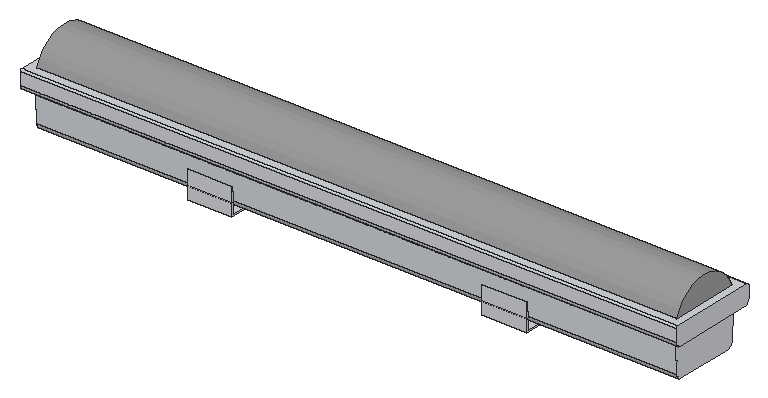
Revit family "0010203", category Lighting Fixtures, host Face, Revit 2017 (continued)
Types (60, lengths in mm): name | Weight | Wattage | TypeName | built-in parameter 1150134 | Photometric Web File | built-in parameter 1150142 | PowerFactor | PowerConsumption | NominalLength | Name | ModelReference | ModelNumber | Model | LuminousEfficacy | built-in parameter 1150105 | Lumens | LampNominalLuminous | LampMacAdamStep | LampColourTemperature | LENGHT_SYL | LENGHT_CHAMFER_SYL | LENGHT-_SYL | LENGHT-_CHAMFER_SYL | L0650_SYL | L1500_SYL | L1200_SYL | built-in parameter 1150107 | built-in parameter 1150106 | built-in parameter 1150104 | DocumentationLiterature | Description | BRACKET_WIDTH_SYL | BRACKET_DIST_SYL | Apparent Load
  0010218 RESISTO 1200 IP66 2800LM 840 EM | "2.12 kg" | 25 W | "Resisto  1200 IP66 2800lm 840 EM" | 12 | "0010218.ies" | "IESNA:LM-63-2002\r\n[TEST] 0010218\r\n[TESTLAB]\r\n[MANUFAC] \r\n[LUMCAT]\r\n[LUMINAIRE] Resisto  1200 IP66 2800lm 840  EM /4000 \r\n[LAMP] 0010218 Resisto  1200 IP66 280/4000\r\n[BALLAST] \r\n[ISSUEDATE]\r\n[OTHER] B-Angle = 0.00 B-Tilt = 0.00 2021-02-16\r\nTILT=NONE\r\n1 2800.00 1 37 5 1 2 0.087 1.200 0.040\r\n1.0 1.0 25.00\r\n   0.00   5.00  10.00  15.00  20.00  25.00  30.00  35.00  40.00  45.00\r\n  50.00  55.00  60.00  65.00  70.00  75.00  80.00  85.00  90.00  95.00\r\n 100.00 105.00 110.00 115.00 120.00 125.00 130.00 135.00 140.00 145.00\r\n 150.00 155.00 160.00 165.00 170.00 175.00 180.00\r\n   0.00  22.50  45.00  67.50  90.00\r\n     920.25     916.16     903.39     881.58     851.51     811.86     762.22\r\n     704.59     640.53     571.26     498.57     424.09     349.02     273.95\r\n     200.48     129.08      64.18      16.44       2.49       2.46       2.55\r\n       2.35       2.52       2.80       3.14       3.47       3.84       4.26\r\n       4.68       5.12       5.60       6.05       6.50       6.92       7.25\r\n       7.48       7.62\r\n     920.25     914.98     897.79     871.81     841.74     808.05     766.30\r\n     716.74     662.82     605.22     542.33     469.95     385.36     297.58\r\n     218.79     153.41     101.86      62.69      34.80      15.71       7.48\r\n       2.97       3.14       3.39       3.67       3.92       4.20       4.54\r\n       4.93       5.35       5.77       6.19       6.61       6.97       7.25\r\n       7.48       7.62\r\n     920.25     910.73     890.32     876.46     854.70     830.14     805.45\r\n     771.12     727.55     658.70     561.04     455.90     364.20     290.72\r\n     232.06     184.27     144.65     111.30      83.92      60.73      41.41\r\n      25.65      13.89       6.47       4.98       5.10       5.15       5.21\r\n       5.32       5.52       5.77       6.10       6.50       6.89       7.22\r\n       7.45       7.62\r\n     920.25     907.14     893.34     883.18     871.08     858.73     838.96\r\n     802.51     735.45     635.46     532.84     443.74     370.30     309.90\r\n     260.18     218.51     181.36     147.64     118.24      88.48      59.44\r\n      40.32      27.13      17.16       9.97       6.16       6.05       5.96\r\n       5.91       5.94       5.99       6.19       6.50       6.92       7.28\r\n       7.53       7.62\r\n     920.25     906.22     895.47     885.05     880.82     867.13     850.36\r\n     806.85     725.45     623.59     526.46     444.02     375.09     319.23\r\n     272.75     233.07     196.00     160.72     127.26      92.93      62.80\r\n      45.22      31.75      22.06      14.62       8.99       7.48       7.28\r\n       7.11       7.00       6.97       7.06       7.22       7.48       7.67\r\n       7.73       7.62\r\n" | 0.95 | "25 W" | 1200 | "Resisto  1200 IP66 2800lm 840 EM" | "Resisto  1200 IP66 2800lm 840 EM" | "0010218" | "Resisto  1200 IP66 2800lm 840 EM" | "112 lm/W" | 920.25 (stored number, unit not read) | 2800 lm | "2800 lm" | "5" | "4000 K" | 592 | 600 | -592 | -600 | no | no | yes | 4000 (stored number, unit not read) | 9.2025 (stored number, unit not read) | 10.405 (stored number, unit not read) | "http://www.sylvania-lighting.com/product/en-int/products/0010218" | "Resisto, integrated LED weatherproof luminaire, with UV stabilized flat diffuser designed to achieve uniform lit appearance, optimise light output and to reduce glare. 301 stainless steel diffuser clips and fixing brackets for surface mounting. Polycarbonate housing and diffuser - no yellow discolouration over time. 2800lm; 25W; 112lm/W; 4000K; SDCM<5; non dimmable; CRI80; IP66; IK08; Class I; 69,000hrs (L80B20) lifespan; 1200mm x 89mm x 88mm; D-mark; 3-hour maintained emergency batteries." | 400 | 444 | 25 VA
  0010217 RESISTO 1200 IP66 4800LM 840 5XTH | "1.72 kg" | 35 W | "Resisto 1200 IP66 4800lm 840 5xTH" | 12 | "0010217.ies" | "IESNA:LM-63-2002\r\n[TEST] 0010217\r\n[TESTLAB]\r\n[MANUFAC] \r\n[LUMCAT]\r\n[LUMINAIRE] Resisto 1200 IP66 4800lm 840 5 xTH /4000 \r\n[LAMP] 0010217 Resisto 1200 IP66 4800/4000\r\n[BALLAST] \r\n[ISSUEDATE]\r\n[OTHER] B-Angle = 0.00 B-Tilt = 0.00 2021-02-16\r\nTILT=NONE\r\n1 4800.00 1 37 5 1 2 0.087 1.200 0.040\r\n1.0 1.0 35.00\r\n   0.00   5.00  10.00  15.00  20.00  25.00  30.00  35.00  40.00  45.00\r\n  50.00  55.00  60.00  65.00  70.00  75.00  80.00  85.00  90.00  95.00\r\n 100.00 105.00 110.00 115.00 120.00 125.00 130.00 135.00 140.00 145.00\r\n 150.00 155.00 160.00 165.00 170.00 175.00 180.00\r\n   0.00  22.50  45.00  67.50  90.00\r\n    1585.30    1578.91    1557.22    1520.74    1469.66    1401.70    1317.94\r\n    1219.39    1109.18     989.81     864.72     736.13     606.34     476.21\r\n     348.19     224.11     111.22      27.50       4.18       4.37       4.27\r\n       4.08       4.51       4.99       5.57       6.19       6.82       7.54\r\n       8.26       9.02       9.84      10.61      11.38      12.10      12.72\r\n      13.10      13.30\r\n    1585.30    1570.46    1538.98    1498.70    1452.77    1396.03    1324.27\r\n    1241.28    1151.66    1052.98     942.19     811.20     658.03     504.43\r\n     370.46     260.59     174.00     108.24      60.86      27.89      13.54\r\n       5.33       5.57       6.00       6.48       6.91       7.34       7.92\r\n       8.54       9.31      10.03      10.75      11.47      12.14      12.58\r\n      13.01      13.30\r\n    1585.30    1561.15    1534.03    1512.67    1473.50    1439.71    1393.78\r\n    1337.04    1254.29    1125.07     948.14     769.01     616.85     494.54\r\n     396.24     315.60     248.40     191.57     144.72     104.69      70.94\r\n      43.82      23.71      11.33       8.78       8.98       9.07       9.17\r\n       9.36       9.70      10.13      10.70      11.38      12.05      12.62\r\n      12.96      13.30\r\n    1585.30    1555.73    1542.58    1520.30    1508.74    1481.04    1448.88\r\n    1376.93    1246.27    1070.35     897.55     750.29     627.46     526.90\r\n     443.95     373.97     310.37     252.43     201.26     147.98      99.12\r\n      67.34      45.65      29.04      17.09      10.80      10.61      10.42\r\n      10.32      10.32      10.46      10.80      11.33      12.00      12.62\r\n      13.06      13.30\r\n    1585.30    1554.14    1545.98    1525.30    1522.85    1497.60    1461.26\r\n    1376.26    1223.62    1048.85     887.38     750.24     635.04     542.21\r\n     463.87     396.82     332.78     271.87     213.46     153.31     104.16\r\n      75.26      53.14      36.91      24.53      15.22      12.96      12.67\r\n      12.38      12.19      12.14      12.29      12.58      13.01      13.34\r\n      13.49      13.30\r\n" | 0.95 | "35 W" | 1200 | "Resisto 1200 IP66 4800lm 840 5xTH" | "Resisto 1200 IP66 4800lm 840 5xTH" | "0010217" | "Resisto 1200 IP66 4800lm 840 5xTH" | "137 lm/W" | 1583.6 (stored number, unit not read) | 4795 lm | "4800 lm" | "5" | "4000 K" | 592 | 600 | -592 | -600 | no | no | yes | 4000 (stored number, unit not read) | 15.836 (stored number, unit not read) | 12.728 (stored number, unit not read) | "http://www.sylvania-lighting.com/product/en-int/products/0010217" | "Resisto, integrated LED weatherproof luminaire, with UV stabilized flat diffuser designed to achieve uniform lit appearance, optimise light output and to reduce glare. 301 stainless steel diffuser clips and fixing brackets for surface mounting. Polycarbonate housing and diffuser - no yellow discolouration over time. 4800lm; 35W; 137lm/W; 4000K; SDCM<5; non dimmable; CRI80; IP66; IK08; Class I; 69,000hrs (L80B20) lifespan; 1200mm x 89mm x 88mm; D-mark; through wiring." | 400 | 444 | 35 VA
  0010216 RESISTO 1200 IP66 2800LM 840 5XTH | "1.68 kg" | 21 W | "Resisto 1200 IP66 2800lm 840 5xTH" | 12 | "0010216.ies" | "IESNA:LM-63-2002\r\n[TEST] 0010216\r\n[TESTLAB]\r\n[MANUFAC] \r\n[LUMCAT]\r\n[LUMINAIRE] Resisto 1200 IP66 2800lm 840 5 xTH /4000 \r\n[LAMP] 0010216 Resisto 1200 IP66 2800/4000\r\n[BALLAST] \r\n[ISSUEDATE]\r\n[OTHER] B-Angle = 0.00 B-Tilt = 0.00 2021-02-16\r\nTILT=NONE\r\n1 2800.00 1 37 5 1 2 0.087 1.200 0.040\r\n1.0 1.0 21.00\r\n   0.00   5.00  10.00  15.00  20.00  25.00  30.00  35.00  40.00  45.00\r\n  50.00  55.00  60.00  65.00  70.00  75.00  80.00  85.00  90.00  95.00\r\n 100.00 105.00 110.00 115.00 120.00 125.00 130.00 135.00 140.00 145.00\r\n 150.00 155.00 160.00 165.00 170.00 175.00 180.00\r\n   0.00  22.50  45.00  67.50  90.00\r\n     920.25     916.16     903.39     881.58     851.51     811.86     762.22\r\n     704.59     640.53     571.26     498.57     424.09     349.02     273.95\r\n     200.48     129.08      64.18      16.44       2.49       2.46       2.55\r\n       2.35       2.52       2.80       3.14       3.47       3.84       4.26\r\n       4.68       5.12       5.60       6.05       6.50       6.92       7.25\r\n       7.48       7.62\r\n     920.25     914.98     897.79     871.81     841.74     808.05     766.30\r\n     716.74     662.82     605.22     542.33     469.95     385.36     297.58\r\n     218.79     153.41     101.86      62.69      34.80      15.71       7.48\r\n       2.97       3.14       3.39       3.67       3.92       4.20       4.54\r\n       4.93       5.35       5.77       6.19       6.61       6.97       7.25\r\n       7.48       7.62\r\n     920.25     910.73     890.32     876.46     854.70     830.14     805.45\r\n     771.12     727.55     658.70     561.04     455.90     364.20     290.72\r\n     232.06     184.27     144.65     111.30      83.92      60.73      41.41\r\n      25.65      13.89       6.47       4.98       5.10       5.15       5.21\r\n       5.32       5.52       5.77       6.10       6.50       6.89       7.22\r\n       7.45       7.62\r\n     920.25     907.14     893.34     883.18     871.08     858.73     838.96\r\n     802.51     735.45     635.46     532.84     443.74     370.30     309.90\r\n     260.18     218.51     181.36     147.64     118.24      88.48      59.44\r\n      40.32      27.13      17.16       9.97       6.16       6.05       5.96\r\n       5.91       5.94       5.99       6.19       6.50       6.92       7.28\r\n       7.53       7.62\r\n     920.25     906.22     895.47     885.05     880.82     867.13     850.36\r\n     806.85     725.45     623.59     526.46     444.02     375.09     319.23\r\n     272.75     233.07     196.00     160.72     127.26      92.93      62.80\r\n      45.22      31.75      22.06      14.62       8.99       7.48       7.28\r\n       7.11       7.00       6.97       7.06       7.22       7.48       7.67\r\n       7.73       7.62\r\n" | 0.95 | "21 W" | 1200 | "Resisto 1200 IP66 2800lm 840 5xTH" | "Resisto 1200 IP66 2800lm 840 5xTH" | "0010216" | "Resisto 1200 IP66 2800lm 840 5xTH" | "133 lm/W" | 917.95 (stored number, unit not read) | 2793 lm | "2800 lm" | "5" | "4000 K" | 592 | 600 | -592 | -600 | no | no | yes | 4000 (stored number, unit not read) | 9.1795 (stored number, unit not read) | 12.356 (stored number, unit not read) | "http://www.sylvania-lighting.com/product/en-int/products/0010216" | "Resisto, integrated LED weatherproof luminaire, with UV stabilized flat diffuser designed to achieve uniform lit appearance, optimise light output and to reduce glare. 301 stainless steel diffuser clips and fixing brackets for surface mounting. Polycarbonate housing and diffuser - no yellow discolouration over time. 2800lm; 21W; 133lm/W; 4000K; SDCM<5; non dimmable; CRI80; IP66; IK08; Class I; 69,000hrs (L80B20) lifespan; 1200mm x 89mm x 88mm; D-mark; through wiring." | 400 | 444 | 21 VA
  0010215 RESISTO 1200 IP66 4800LM 840 QC | "1.61 kg" | 35 W | "Resisto  1200 IP66 4800lm 840 QC" | 12 | "0010215.ies" | "IESNA:LM-63-2002\r\n[TEST] 0010215\r\n[TESTLAB]\r\n[MANUFAC] \r\n[LUMCAT]\r\n[LUMINAIRE] Resisto  1200 IP66 4800lm 840  QC /4000 \r\n[LAMP] 0010215 Resisto  1200 IP66 480/4000\r\n[BALLAST] \r\n[ISSUEDATE]\r\n[OTHER] B-Angle = 0.00 B-Tilt = 0.00 2021-02-16\r\nTILT=NONE\r\n1 4800.00 1 37 5 1 2 0.087 1.200 0.040\r\n1.0 1.0 35.00\r\n   0.00   5.00  10.00  15.00  20.00  25.00  30.00  35.00  40.00  45.00\r\n  50.00  55.00  60.00  65.00  70.00  75.00  80.00  85.00  90.00  95.00\r\n 100.00 105.00 110.00 115.00 120.00 125.00 130.00 135.00 140.00 145.00\r\n 150.00 155.00 160.00 165.00 170.00 175.00 180.00\r\n   0.00  22.50  45.00  67.50  90.00\r\n    1585.30    1578.91    1557.22    1520.74    1469.66    1401.70    1317.94\r\n    1219.39    1109.18     989.81     864.72     736.13     606.34     476.21\r\n     348.19     224.11     111.22      27.50       4.18       4.37       4.27\r\n       4.08       4.51       4.99       5.57       6.19       6.82       7.54\r\n       8.26       9.02       9.84      10.61      11.38      12.10      12.72\r\n      13.10      13.30\r\n    1585.30    1570.46    1538.98    1498.70    1452.77    1396.03    1324.27\r\n    1241.28    1151.66    1052.98     942.19     811.20     658.03     504.43\r\n     370.46     260.59     174.00     108.24      60.86      27.89      13.54\r\n       5.33       5.57       6.00       6.48       6.91       7.34       7.92\r\n       8.54       9.31      10.03      10.75      11.47      12.14      12.58\r\n      13.01      13.30\r\n    1585.30    1561.15    1534.03    1512.67    1473.50    1439.71    1393.78\r\n    1337.04    1254.29    1125.07     948.14     769.01     616.85     494.54\r\n     396.24     315.60     248.40     191.57     144.72     104.69      70.94\r\n      43.82      23.71      11.33       8.78       8.98       9.07       9.17\r\n       9.36       9.70      10.13      10.70      11.38      12.05      12.62\r\n      12.96      13.30\r\n    1585.30    1555.73    1542.58    1520.30    1508.74    1481.04    1448.88\r\n    1376.93    1246.27    1070.35     897.55     750.29     627.46     526.90\r\n     443.95     373.97     310.37     252.43     201.26     147.98      99.12\r\n      67.34      45.65      29.04      17.09      10.80      10.61      10.42\r\n      10.32      10.32      10.46      10.80      11.33      12.00      12.62\r\n      13.06      13.30\r\n    1585.30    1554.14    1545.98    1525.30    1522.85    1497.60    1461.26\r\n    1376.26    1223.62    1048.85     887.38     750.24     635.04     542.21\r\n     463.87     396.82     332.78     271.87     213.46     153.31     104.16\r\n      75.26      53.14      36.91      24.53      15.22      12.96      12.67\r\n      12.38      12.19      12.14      12.29      12.58      13.01      13.34\r\n      13.49      13.30\r\n" | 0.95 | "35 W" | 1212 | "Resisto  1200 IP66 4800lm 840 QC" | "Resisto  1200 IP66 4800lm 840 QC" | "0010215" | "Resisto  1200 IP66 4800lm 840 QC" | "137 lm/W" | 1583.6 (stored number, unit not read) | 4795 lm | "4800 lm" | "5" | "4000 K" | 592 | 600 | -592 | -600 | no | no | yes | 4000 (stored number, unit not read) | 15.836 (stored number, unit not read) | 12.728 (stored number, unit not read) | "http://www.sylvania-lighting.com/product/en-int/products/0010215" | "Resisto, integrated LED weatherproof luminaire, with UV stabilized flat diffuser designed to achieve uniform lit appearance, optimise light output and to reduce glare. 301 stainless steel diffuser clips and fixing brackets for surface mounting. Polycarbonate housing and diffuser - no yellow discolouration over time. 4800lm; 35W; 137lm/W; 4000K; SDCM<5; non dimmable; CRI80; IP66; IK08; Class I; 69,000hrs (L80B20) lifespan; 1200mm x 89mm x 88mm; D-mark; assembled with quick connector." | 400 | 444 | 35 VA
  0010214 RESISTO 1200 IP66 2800LM 840 QC | "1.57 kg" | 21 W | "Resisto  1200 IP66 2800lm 840 QC" | 12 | "0010214.ies" | "IESNA:LM-63-2002\r\n[TEST] 0010214\r\n[TESTLAB]\r\n[MANUFAC] \r\n[LUMCAT]\r\n[LUMINAIRE] Resisto  1200 IP66 2800lm 840  QC /4000 \r\n[LAMP] 0010214 Resisto  1200 IP66 280/4000\r\n[BALLAST] \r\n[ISSUEDATE]\r\n[OTHER] B-Angle = 0.00 B-Tilt = 0.00 2021-02-16\r\nTILT=NONE\r\n1 2800.00 1 37 5 1 2 0.087 1.200 0.040\r\n1.0 1.0 21.00\r\n   0.00   5.00  10.00  15.00  20.00  25.00  30.00  35.00  40.00  45.00\r\n  50.00  55.00  60.00  65.00  70.00  75.00  80.00  85.00  90.00  95.00\r\n 100.00 105.00 110.00 115.00 120.00 125.00 130.00 135.00 140.00 145.00\r\n 150.00 155.00 160.00 165.00 170.00 175.00 180.00\r\n   0.00  22.50  45.00  67.50  90.00\r\n     920.25     916.16     903.39     881.58     851.51     811.86     762.22\r\n     704.59     640.53     571.26     498.57     424.09     349.02     273.95\r\n     200.48     129.08      64.18      16.44       2.49       2.46       2.55\r\n       2.35       2.52       2.80       3.14       3.47       3.84       4.26\r\n       4.68       5.12       5.60       6.05       6.50       6.92       7.25\r\n       7.48       7.62\r\n     920.25     914.98     897.79     871.81     841.74     808.05     766.30\r\n     716.74     662.82     605.22     542.33     469.95     385.36     297.58\r\n     218.79     153.41     101.86      62.69      34.80      15.71       7.48\r\n       2.97       3.14       3.39       3.67       3.92       4.20       4.54\r\n       4.93       5.35       5.77       6.19       6.61       6.97       7.25\r\n       7.48       7.62\r\n     920.25     910.73     890.32     876.46     854.70     830.14     805.45\r\n     771.12     727.55     658.70     561.04     455.90     364.20     290.72\r\n     232.06     184.27     144.65     111.30      83.92      60.73      41.41\r\n      25.65      13.89       6.47       4.98       5.10       5.15       5.21\r\n       5.32       5.52       5.77       6.10       6.50       6.89       7.22\r\n       7.45       7.62\r\n     920.25     907.14     893.34     883.18     871.08     858.73     838.96\r\n     802.51     735.45     635.46     532.84     443.74     370.30     309.90\r\n     260.18     218.51     181.36     147.64     118.24      88.48      59.44\r\n      40.32      27.13      17.16       9.97       6.16       6.05       5.96\r\n       5.91       5.94       5.99       6.19       6.50       6.92       7.28\r\n       7.53       7.62\r\n     920.25     906.22     895.47     885.05     880.82     867.13     850.36\r\n     806.85     725.45     623.59     526.46     444.02     375.09     319.23\r\n     272.75     233.07     196.00     160.72     127.26      92.93      62.80\r\n      45.22      31.75      22.06      14.62       8.99       7.48       7.28\r\n       7.11       7.00       6.97       7.06       7.22       7.48       7.67\r\n       7.73       7.62\r\n" | 0.95 | "21 W" | 1212 | "Resisto  1200 IP66 2800lm 840 QC" | "Resisto  1200 IP66 2800lm 840 QC" | "0010214" | "Resisto  1200 IP66 2800lm 840 QC" | "133 lm/W" | 917.95 (stored number, unit not read) | 2793 lm | "2800 lm" | "5" | "4000 K" | 592 | 600 | -592 | -600 | no | no | yes | 4000 (stored number, unit not read) | 9.1795 (stored number, unit not read) | 12.356 (stored number, unit not read) | "http://www.sylvania-lighting.com/product/en-int/products/0010214" | "Resisto, integrated LED weatherproof luminaire, with UV stabilized flat diffuser designed to achieve uniform lit appearance, optimise light output and to reduce glare. 301 stainless steel diffuser clips and fixing brackets for surface mounting. Polycarbonate housing and diffuser - no yellow discolouration over time. 2800lm; 21W; 133lm/W; 4000K; SDCM<5; non dimmable; CRI80; IP66; IK08; Class I; 69,000hrs (L80B20) lifespan; 1200mm x 89mm x 88mm; D-mark; assembled with quick connector." | 400 | 444 | 21 VA
  0010213 RESISTO 1200 IP66 4800LM 865 | "1.54 kg" | 35 W | "Resisto  1200 IP66 4800lm 865" | 1 | "0010213.ies" | "IESNA:LM-63-2002\r\n[TEST] 0010213\r\n[TESTLAB]\r\n[MANUFAC] \r\n[LUMCAT]\r\n[LUMINAIRE] Resisto  1200 IP66 4800lm 865  /6500 \r\n[LAMP] 0010213 Resisto  1200 IP66 480/6500\r\n[BALLAST] \r\n[ISSUEDATE]\r\n[OTHER] B-Angle = 0.00 B-Tilt = 0.00 2021-02-16\r\nTILT=NONE\r\n1 4800.00 1 37 5 1 2 0.087 1.200 0.040\r\n1.0 1.0 35.00\r\n   0.00   5.00  10.00  15.00  20.00  25.00  30.00  35.00  40.00  45.00\r\n  50.00  55.00  60.00  65.00  70.00  75.00  80.00  85.00  90.00  95.00\r\n 100.00 105.00 110.00 115.00 120.00 125.00 130.00 135.00 140.00 145.00\r\n 150.00 155.00 160.00 165.00 170.00 175.00 180.00\r\n   0.00  22.50  45.00  67.50  90.00\r\n    1585.30    1578.91    1557.22    1520.74    1469.66    1401.70    1317.94\r\n    1219.39    1109.18     989.81     864.72     736.13     606.34     476.21\r\n     348.19     224.11     111.22      27.50       4.18       4.37       4.27\r\n       4.08       4.51       4.99       5.57       6.19       6.82       7.54\r\n       8.26       9.02       9.84      10.61      11.38      12.10      12.72\r\n      13.10      13.30\r\n    1585.30    1570.46    1538.98    1498.70    1452.77    1396.03    1324.27\r\n    1241.28    1151.66    1052.98     942.19     811.20     658.03     504.43\r\n     370.46     260.59     174.00     108.24      60.86      27.89      13.54\r\n       5.33       5.57       6.00       6.48       6.91       7.34       7.92\r\n       8.54       9.31      10.03      10.75      11.47      12.14      12.58\r\n      13.01      13.30\r\n    1585.30    1561.15    1534.03    1512.67    1473.50    1439.71    1393.78\r\n    1337.04    1254.29    1125.07     948.14     769.01     616.85     494.54\r\n     396.24     315.60     248.40     191.57     144.72     104.69      70.94\r\n      43.82      23.71      11.33       8.78       8.98       9.07       9.17\r\n       9.36       9.70      10.13      10.70      11.38      12.05      12.62\r\n      12.96      13.30\r\n    1585.30    1555.73    1542.58    1520.30    1508.74    1481.04    1448.88\r\n    1376.93    1246.27    1070.35     897.55     750.29     627.46     526.90\r\n     443.95     373.97     310.37     252.43     201.26     147.98      99.12\r\n      67.34      45.65      29.04      17.09      10.80      10.61      10.42\r\n      10.32      10.32      10.46      10.80      11.33      12.00      12.62\r\n      13.06      13.30\r\n    1585.30    1554.14    1545.98    1525.30    1522.85    1497.60    1461.26\r\n    1376.26    1223.62    1048.85     887.38     750.24     635.04     542.21\r\n     463.87     396.82     332.78     271.87     213.46     153.31     104.16\r\n      75.26      53.14      36.91      24.53      15.22      12.96      12.67\r\n      12.38      12.19      12.14      12.29      12.58      13.01      13.34\r\n      13.49      13.30\r\n" | 0.95 | "35 W" | 1200 | "Resisto  1200 IP66 4800lm 865" | "Resisto  1200 IP66 4800lm 865" | "0010213" | "Resisto  1200 IP66 4800lm 865" | "137 lm/W" | 1583.6 (stored number, unit not read) | 4795 lm | "4800 lm" | "5" | "6500 K" | 592 | 600 | -592 | -600 | no | no | yes | 6500 (stored number, unit not read) | 15.836 (stored number, unit not read) | 12.728 (stored number, unit not read) | "http://www.sylvania-lighting.com/product/en-int/products/0010213" | "Resisto, integrated LED weatherproof luminaire, with UV stabilized flat diffuser designed to achieve uniform lit appearance, optimise light output and to reduce glare. 301 stainless steel diffuser clips and fixing brackets for surface mounting. Polycarbonate housing and diffuser - no yellow discolouration over time. 4800lm; 35W; 137lm/W; 6500K; SDCM<5; non dimmable; CRI80; IP66; IK08; Class I; 69,000hrs (L80B20) lifespan; 1200mm x 89mm x 88mm; D-mark." | 400 | 444 | 35 VA
  0010212 RESISTO 1200 IP66 2800LM 865 | "1.5 kg" | 21 W | "Resisto  1200 IP66 2800lm 865" | 1 | "0010212.ies" | "IESNA:LM-63-2002\r\n[TEST] 0010212\r\n[TESTLAB]\r\n[MANUFAC] \r\n[LUMCAT]\r\n[LUMINAIRE] Resisto  1200 IP66 2800lm 865  /6500 \r\n[LAMP] 0010212 Resisto  1200 IP66 280/6500\r\n[BALLAST] \r\n[ISSUEDATE]\r\n[OTHER] B-Angle = 0.00 B-Tilt = 0.00 2021-02-16\r\nTILT=NONE\r\n1 2800.00 1 37 5 1 2 0.087 1.200 0.040\r\n1.0 1.0 21.00\r\n   0.00   5.00  10.00  15.00  20.00  25.00  30.00  35.00  40.00  45.00\r\n  50.00  55.00  60.00  65.00  70.00  75.00  80.00  85.00  90.00  95.00\r\n 100.00 105.00 110.00 115.00 120.00 125.00 130.00 135.00 140.00 145.00\r\n 150.00 155.00 160.00 165.00 170.00 175.00 180.00\r\n   0.00  22.50  45.00  67.50  90.00\r\n     920.25     916.16     903.39     881.58     851.51     811.86     762.22\r\n     704.59     640.53     571.26     498.57     424.09     349.02     273.95\r\n     200.48     129.08      64.18      16.44       2.49       2.46       2.55\r\n       2.35       2.52       2.80       3.14       3.47       3.84       4.26\r\n       4.68       5.12       5.60       6.05       6.50       6.92       7.25\r\n       7.48       7.62\r\n     920.25     914.98     897.79     871.81     841.74     808.05     766.30\r\n     716.74     662.82     605.22     542.33     469.95     385.36     297.58\r\n     218.79     153.41     101.86      62.69      34.80      15.71       7.48\r\n       2.97       3.14       3.39       3.67       3.92       4.20       4.54\r\n       4.93       5.35       5.77       6.19       6.61       6.97       7.25\r\n       7.48       7.62\r\n     920.25     910.73     890.32     876.46     854.70     830.14     805.45\r\n     771.12     727.55     658.70     561.04     455.90     364.20     290.72\r\n     232.06     184.27     144.65     111.30      83.92      60.73      41.41\r\n      25.65      13.89       6.47       4.98       5.10       5.15       5.21\r\n       5.32       5.52       5.77       6.10       6.50       6.89       7.22\r\n       7.45       7.62\r\n     920.25     907.14     893.34     883.18     871.08     858.73     838.96\r\n     802.51     735.45     635.46     532.84     443.74     370.30     309.90\r\n     260.18     218.51     181.36     147.64     118.24      88.48      59.44\r\n      40.32      27.13      17.16       9.97       6.16       6.05       5.96\r\n       5.91       5.94       5.99       6.19       6.50       6.92       7.28\r\n       7.53       7.62\r\n     920.25     906.22     895.47     885.05     880.82     867.13     850.36\r\n     806.85     725.45     623.59     526.46     444.02     375.09     319.23\r\n     272.75     233.07     196.00     160.72     127.26      92.93      62.80\r\n      45.22      31.75      22.06      14.62       8.99       7.48       7.28\r\n       7.11       7.00       6.97       7.06       7.22       7.48       7.67\r\n       7.73       7.62\r\n" | 0.95 | "21 W" | 1200 | "Resisto  1200 IP66 2800lm 865" | "Resisto  1200 IP66 2800lm 865" | "0010212" | "Resisto  1200 IP66 2800lm 865" | "133 lm/W" | 917.95 (stored number, unit not read) | 2793 lm | "2800 lm" | "5" | "6500 K" | 592 | 600 | -592 | -600 | no | no | yes | 6500 (stored number, unit not read) | 9.1795 (stored number, unit not read) | 12.356 (stored number, unit not read) | "http://www.sylvania-lighting.com/product/en-int/products/0010212" | "Resisto, integrated LED weatherproof luminaire, with UV stabilized flat diffuser designed to achieve uniform lit appearance, optimise light output and to reduce glare. 301 stainless steel diffuser clips and fixing brackets for surface mounting. Polycarbonate housing and diffuser - no yellow discolouration over time. 2800lm; 21W; 133lm/W; 6500K; SDCM<5; non dimmable; CRI80; IP66; IK08; Class I; 69,000hrs (L80B20) lifespan; 1200mm x 89mm x 88mm; D-mark." | 400 | 444 | 21 VA
  0010211 RESISTO 1200 IP66 4800LM 840 | "11.88 kg" | 35 W | "Resisto  1200 IP66 4800lm 840" | 12 | "0010211.ies" | "IESNA:LM-63-2002\r\n[TEST] 0010211\r\n[TESTLAB] Sylvania\r\n[TESTDATE] 2 Nov 2020\r\n[ISSUEDATE] 2 Nov 2020\r\n[MANUFAC] Sylvania\r\n[LUMCAT] 0010211\r\n[LUMINAIRE] Resisto  1200 IP65 4800lm 840\r\n[FLASHAREA] 0.071831\r\n[LAMPCAT] 0010211 Resisto  1200 IP65 4800lm 840\r\n[LAMP] 0010211 Resisto  1200 IP65 4800lm 840\r\n[OTHER] Absolute Photometry\r\nTILT=NONE\r\n1 -1 1.0 37 5 1 2 0.087 1.200 0.040\r\n1.00 1.00 35.00\r\n0.00 5.00 10.00 15.00 20.00 25.00 30.00 35.00 40.00 45.00 \r\n50.00 55.00 60.00 65.00 70.00 75.00 80.00 85.00 90.00 \r\n95.00 100.00 105.00 110.00 115.00 120.00 125.00 130.00 \r\n135.00 140.00 145.00 150.00 155.00 160.00 165.00 170.00 \r\n175.00 180.00 \r\n0.00 22.50 45.00 67.50 90.00 \r\n1585.28 1578.92 1557.22 1520.73 1469.67 1401.68 1317.92 \r\n1219.41 1109.18 989.80 864.73 736.11 606.34 476.22 348.19 \r\n224.12 111.23 27.49 4.17 4.38 4.28 4.08 4.52 4.98 5.58 \r\n6.20 6.83 7.52 8.25 9.04 9.85 10.62 11.40 12.09 12.71 \r\n13.11 13.31 \r\n1585.28 1570.45 1538.97 1498.72 1452.79 1396.04 1324.29 \r\n1241.26 1151.65 1052.99 942.17 811.22 658.01 504.45 \r\n370.48 260.57 174.02 108.23 60.88 27.89 13.56 5.34 5.56 \r\n5.98 6.48 6.92 7.36 7.91 8.55 9.29 10.02 10.75 11.48 \r\n12.12 12.59 13.01 13.31 \r\n1585.28 1561.17 1534.04 1512.65 1473.50 1439.70 1393.78 \r\n1337.02 1254.31 1125.05 948.13 769.01 616.84 494.52 \r\n396.22 315.58 248.41 191.56 144.71 104.70 70.93 43.82 \r\n23.71 11.34 8.78 8.97 9.07 9.18 9.35 9.68 10.11 10.71 \r\n11.39 12.04 12.61 12.94 13.31 \r\n1585.28 1555.75 1542.57 1520.31 1508.73 1481.03 1448.89 \r\n1376.91 1246.28 1070.36 897.57 750.28 627.46 526.91 \r\n443.98 373.96 310.37 252.44 201.28 147.98 99.12 67.34 \r\n45.62 29.03 17.08 10.82 10.61 10.43 10.33 10.31 10.46 \r\n10.78 11.33 12.02 12.64 13.06 13.31 \r\n1585.28 1554.13 1545.99 1525.30 1522.86 1497.60 1461.25 \r\n1376.26 1223.59 1048.84 887.37 750.23 635.04 542.20 \r\n463.86 396.83 332.81 271.87 213.47 153.32 104.17 75.25 \r\n53.14 36.91 24.52 15.22 12.97 12.65 12.38 12.20 12.13 \r\n12.26 12.58 13.03 13.36 13.51 13.31 \r\n" | 0.95 | "35.0 W" | 1200 | "Resisto  1200 IP66 4800lm 840" | "Resisto  1200 IP66 4800lm 840" | "0010211" | "Resisto  1200 IP66 4800lm 840" | "137 lm/W" | -7601417.6 (stored number, unit not read) | 4795 lm | "4800 lm" | "5" | "4000 K" | 592 | 600 | -592 | -600 | no | no | yes | 4000 (stored number, unit not read) | -76014.2 (stored number, unit not read) | 12.728 (stored number, unit not read) | "http://www.sylvania-lighting.com/product/en-int/products/0010211" | "Resisto, integrated LED weatherproof luminaire, with UV stabilized flat diffuser designed to achieve uniform lit appearance, optimise light output and to reduce glare. 301 stainless steel diffuser clips and fixing brackets for surface mounting. Polycarbonate housing and diffuser - no yellow discolouration over time. 4800lm; 35W; 137lm/W; 4000K; SDCM<5; non dimmable; CRI80; IP66; IK08; Class I; 69,000hrs (L80B20) lifespan; 1200mm x 89mm x 88mm; D-mark." | 400 | 444 | 35 VA
  0010210 RESISTO 1200 IP66 2800LM 840 | "11.88 kg" | 21 W | "Resisto  1200 IP66 2800lm 840" | 12 | "0010210.ies" | "IESNA:LM-63-2002\r\n[TEST] 0010210\r\n[TESTLAB] Sylvania\r\n[TESTDATE] 2 Nov 2020\r\n[ISSUEDATE] 2 Nov 2020\r\n[MANUFAC] Sylvania\r\n[LUMCAT] 0010210\r\n[LUMINAIRE] Resisto  1200 IP65 2800lm 840\r\n[FLASHAREA] 0.071831\r\n[LAMPCAT] 0010210 Resisto  1200 IP65 2800lm 840\r\n[LAMP] 0010210 Resisto  1200 IP65 2800lm 840\r\n[OTHER] Absolute Photometry\r\nTILT=NONE\r\n1 -1 1.0 37 5 1 2 0.087 1.200 0.040\r\n1.00 1.00 21.00\r\n0.00 5.00 10.00 15.00 20.00 25.00 30.00 35.00 40.00 45.00 \r\n50.00 55.00 60.00 65.00 70.00 75.00 80.00 85.00 90.00 \r\n95.00 100.00 105.00 110.00 115.00 120.00 125.00 130.00 \r\n135.00 140.00 145.00 150.00 155.00 160.00 165.00 170.00 \r\n175.00 180.00 \r\n0.00 22.50 45.00 67.50 90.00 \r\n920.25 916.15 903.39 881.58 851.50 811.86 762.21 704.60 \r\n640.52 571.25 498.57 424.09 349.01 273.96 200.48 129.09 \r\n64.18 16.43 2.49 2.46 2.54 2.35 2.52 2.79 3.13 3.47 3.84 \r\n4.25 4.67 5.13 5.60 6.05 6.49 6.90 7.25 7.49 7.61 \r\n920.25 914.98 897.79 871.81 841.72 808.05 766.32 716.75 \r\n662.82 605.21 542.34 469.95 385.37 297.57 218.80 153.42 \r\n101.86 62.71 34.79 15.70 7.47 2.96 3.13 3.39 3.66 3.92 \r\n4.19 4.53 4.92 5.34 5.76 6.18 6.60 6.98 7.25 7.49 7.61 \r\n920.25 910.72 890.33 876.46 854.71 830.14 805.45 771.12 \r\n727.54 658.69 561.04 455.90 364.19 290.72 232.08 184.27 \r\n144.65 111.29 83.92 60.73 41.42 25.66 13.90 6.46 4.99 \r\n5.08 5.14 5.22 5.32 5.51 5.77 6.12 6.49 6.88 7.23 7.45 \r\n7.61 \r\n920.25 907.15 893.33 883.19 871.09 858.72 838.95 802.50 \r\n735.44 635.47 532.83 443.75 370.31 309.92 260.17 218.51 \r\n181.36 147.65 118.23 88.47 59.43 40.31 27.13 17.15 9.96 \r\n6.17 6.04 5.96 5.92 5.93 6.00 6.19 6.50 6.90 7.27 7.53 \r\n7.61 \r\n920.25 906.21 895.48 885.06 880.81 867.13 850.36 806.85 \r\n725.46 623.59 526.45 444.03 375.09 319.24 272.74 233.07 \r\n195.99 160.71 127.25 92.92 62.81 45.22 31.75 22.05 14.61 \r\n8.99 7.47 7.28 7.12 7.00 6.99 7.05 7.23 7.48 7.67 7.72 \r\n7.61 \r\n" | 0.95 | "21.0 W" | 1200 | "Resisto  1200 IP66 2800lm 840" | "Resisto  1200 IP66 2800lm 840" | "0010210" | "Resisto  1200 IP66 2800lm 840" | "133 lm/W" | -2570258.2 (stored number, unit not read) | 2793 lm | "2800 lm" | "5" | "4000 K" | 592 | 600 | -592 | -600 | no | no | yes | 4000 (stored number, unit not read) | -25702.6 (stored number, unit not read) | 12.356 (stored number, unit not read) | "http://www.sylvania-lighting.com/product/en-int/products/0010210" | "Resisto, integrated LED weatherproof luminaire, with UV stabilized flat diffuser designed to achieve uniform lit appearance, optimise light output and to reduce glare. 301 stainless steel diffuser clips and fixing brackets for surface mounting. Polycarbonate housing and diffuser - no yellow discolouration over time. 2800lm; 21W; 133lm/W; 4000K; SDCM<5; non dimmable; CRI80; IP66; IK08; Class I; 69,000hrs (L80B20) lifespan; 1200mm x 89mm x 88mm; D-mark." | 400 | 444 | 21 VA
